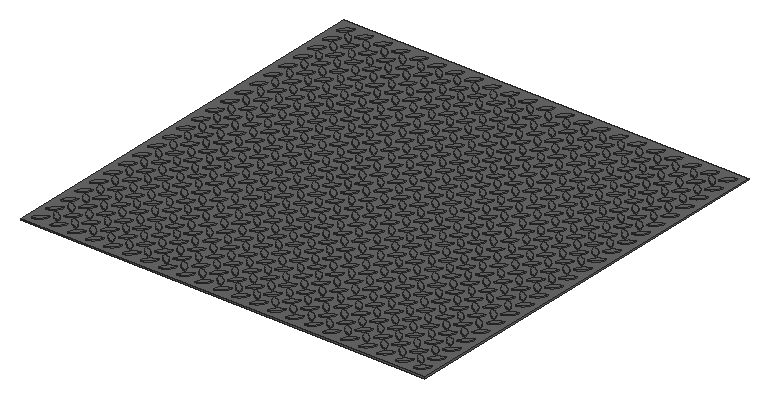
Revit family "141012021113804", category Modelos genéricos, Revit 2018 (continued)
Forms (mm)
  Blend 794, solid, material "Goma negro" <- "Material", detail levels fine
    base sketch origin (1368.494, 703.945, 0) x (-0.707107, -0.707107, 0) y (0.707107, -0.707107, 0)
      loop
        arc (794.539, -290.22) -> (793.684, -289.773) -> (792.83, -290.22) r 1.041
    top sketch origin (1368.494, 703.945, 0) x (-0.707107, -0.707107, 0) y (0.707107, -0.707107, 0)
      loop
        arc (792.83, -290.22) -> (787.479, -307.273) -> (792.83, -324.327) r 29.852
        arc (792.83, -324.327) -> (793.684, -324.773) -> (794.539, -324.327) r 1.041
        arc (794.539, -324.327) -> (799.889, -307.273) -> (794.539, -290.22) r 29.852
        arc (794.539, -290.22) -> (793.684, -289.773) -> (792.83, -290.22) r 1.041
    from 0 to 1
  Blend 795, solid, material "Goma negro" <- "Material", detail levels fine
    base sketch origin (178.555, 1115.994, 0) x (0.707107, -0.707107, 0) y (0.707107, 0.707107, 0)
      loop
        arc (792.83, -290.22) -> (787.479, -307.273) -> (792.83, -324.327) r 29.852
        arc (792.83, -324.327) -> (793.684, -324.773) -> (794.539, -324.327) r 1.041
        arc (794.539, -324.327) -> (799.889, -307.273) -> (794.539, -290.22) r 29.852
        arc (794.539, -290.22) -> (793.684, -289.773) -> (792.83, -290.22) r 1.041
    top sketch origin (178.555, 1115.994, 0) x (0.707107, -0.707107, 0) y (0.707107, 0.707107, 0)
      loop
        arc (792.83, -290.22) -> (787.479, -307.273) -> (792.83, -324.327) r 29.852
        arc (792.83, -324.327) -> (793.684, -324.773) -> (794.539, -324.327) r 1.041
        arc (794.539, -324.327) -> (799.889, -307.273) -> (794.539, -290.22) r 29.852
        arc (794.539, -290.22) -> (793.684, -289.773) -> (792.83, -290.22) r 1.041
    from 0 to 1
  Blend 796, solid, material "Goma negro" <- "Material", detail levels fine
    base sketch origin (1323.494, 703.945, 0) x (-0.707107, -0.707107, 0) y (0.707107, -0.707107, 0)
      loop
        arc (792.83, -290.22) -> (787.479, -307.273) -> (792.83, -324.327) r 29.852
        arc (792.83, -324.327) -> (793.684, -324.773) -> (794.539, -324.327) r 1.041
        arc (794.539, -324.327) -> (799.889, -307.273) -> (794.539, -290.22) r 29.852
        arc (794.539, -290.22) -> (793.684, -289.773) -> (792.83, -290.22) r 1.041
    top sketch origin (1323.494, 703.945, 0) x (-0.707107, -0.707107, 0) y (0.707107, -0.707107, 0)
      loop
        arc (792.83, -290.22) -> (787.479, -307.273) -> (792.83, -324.327) r 29.852
        arc (792.83, -324.327) -> (793.684, -324.773) -> (794.539, -324.327) r 1.041
        arc (794.539, -324.327) -> (799.889, -307.273) -> (794.539, -290.22) r 29.852
        arc (794.539, -290.22) -> (793.684, -289.773) -> (792.83, -290.22) r 1.041
    from 0 to 1
  Blend 797, solid, material "Goma negro" <- "Material", detail levels fine
    base sketch origin (133.555, 1115.994, 0) x (0.707107, -0.707107, 0) y (0.707107, 0.707107, 0)
      loop
        arc (792.83, -290.22) -> (787.479, -307.273) -> (792.83, -324.327) r 29.852
        arc (792.83, -324.327) -> (793.684, -324.773) -> (794.539, -324.327) r 1.041
        arc (794.539, -324.327) -> (799.889, -307.273) -> (794.539, -290.22) r 29.852
        arc (794.539, -290.22) -> (793.684, -289.773) -> (792.83, -290.22) r 1.041
    top sketch origin (133.555, 1115.994, 0) x (0.707107, -0.707107, 0) y (0.707107, 0.707107, 0)
      loop
        arc (792.83, -290.22) -> (787.479, -307.273) -> (792.83, -324.327) r 29.852
        arc (792.83, -324.327) -> (793.684, -324.773) -> (794.539, -324.327) r 1.041
        arc (794.539, -324.327) -> (799.889, -307.273) -> (794.539, -290.22) r 29.852
        arc (794.539, -290.22) -> (793.684, -289.773) -> (792.83, -290.22) r 1.041
    from 0 to 1
  Blend 798, solid, material "Goma negro" <- "Material", detail levels fine
    base sketch origin (1278.494, 703.945, 0) x (-0.707107, -0.707107, 0) y (0.707107, -0.707107, 0)
      loop
        arc (792.83, -290.22) -> (787.479, -307.273) -> (792.83, -324.327) r 29.852
        arc (792.83, -324.327) -> (793.684, -324.773) -> (794.539, -324.327) r 1.041
        arc (794.539, -324.327) -> (799.889, -307.273) -> (794.539, -290.22) r 29.852
        arc (794.539, -290.22) -> (793.684, -289.773) -> (792.83, -290.22) r 1.041
    top sketch origin (1278.494, 703.945, 0) x (-0.707107, -0.707107, 0) y (0.707107, -0.707107, 0)
      loop
        arc (792.83, -290.22) -> (787.479, -307.273) -> (792.83, -324.327) r 29.852
        arc (792.83, -324.327) -> (793.684, -324.773) -> (794.539, -324.327) r 1.041
        arc (794.539, -324.327) -> (799.889, -307.273) -> (794.539, -290.22) r 29.852
        arc (794.539, -290.22) -> (793.684, -289.773) -> (792.83, -290.22) r 1.041
    from 0 to 1
  Blend 799, solid, material "Goma negro" <- "Material", detail levels fine
    base sketch origin (88.555, 1115.994, 0) x (0.707107, -0.707107, 0) y (0.707107, 0.707107, 0)
      loop
        arc (792.83, -290.22) -> (787.479, -307.273) -> (792.83, -324.327) r 29.852
        arc (792.83, -324.327) -> (793.684, -324.773) -> (794.539, -324.327) r 1.041
        arc (794.539, -324.327) -> (799.889, -307.273) -> (794.539, -290.22) r 29.852
        arc (794.539, -290.22) -> (793.684, -289.773) -> (792.83, -290.22) r 1.041
    top sketch origin (88.555, 1115.994, 0) x (0.707107, -0.707107, 0) y (0.707107, 0.707107, 0)
      loop
        arc (792.83, -290.22) -> (787.479, -307.273) -> (792.83, -324.327) r 29.852
        arc (792.83, -324.327) -> (793.684, -324.773) -> (794.539, -324.327) r 1.041
        arc (794.539, -324.327) -> (799.889, -307.273) -> (794.539, -290.22) r 29.852
        arc (794.539, -290.22) -> (793.684, -289.773) -> (792.83, -290.22) r 1.041
    from 0 to 1
  Blend 800, solid, material "Goma negro" <- "Material", detail levels fine
    base sketch origin (1233.494, 703.945, 0) x (-0.707107, -0.707107, 0) y (0.707107, -0.707107, 0)
      loop
        arc (792.83, -290.22) -> (787.479, -307.273) -> (792.83, -324.327) r 29.852
        arc (792.83, -324.327) -> (793.684, -324.773) -> (794.539, -324.327) r 1.041
        arc (794.539, -324.327) -> (799.889, -307.273) -> (794.539, -290.22) r 29.852
        arc (794.539, -290.22) -> (793.684, -289.773) -> (792.83, -290.22) r 1.041
    top sketch origin (1233.494, 703.945, 0) x (-0.707107, -0.707107, 0) y (0.707107, -0.707107, 0)
      loop
        arc (792.83, -290.22) -> (787.479, -307.273) -> (792.83, -324.327) r 29.852
        arc (792.83, -324.327) -> (793.684, -324.773) -> (794.539, -324.327) r 1.041
        arc (794.539, -324.327) -> (799.889, -307.273) -> (794.539, -290.22) r 29.852
        arc (794.539, -290.22) -> (793.684, -289.773) -> (792.83, -290.22) r 1.041
    from 0 to 1
  Blend 801, solid, material "Goma negro" <- "Material", detail levels fine
    base sketch origin (43.555, 1115.994, 0) x (0.707107, -0.707107, 0) y (0.707107, 0.707107, 0)
      loop
        arc (792.83, -290.22) -> (787.479, -307.273) -> (792.83, -324.327) r 29.852
        arc (792.83, -324.327) -> (793.684, -324.773) -> (794.539, -324.327) r 1.041
        arc (794.539, -324.327) -> (799.889, -307.273) -> (794.539, -290.22) r 29.852
        arc (794.539, -290.22) -> (793.684, -289.773) -> (792.83, -290.22) r 1.041
    top sketch origin (43.555, 1115.994, 0) x (0.707107, -0.707107, 0) y (0.707107, 0.707107, 0)
      loop
        arc (792.83, -290.22) -> (787.479, -307.273) -> (792.83, -324.327) r 29.852
        arc (792.83, -324.327) -> (793.684, -324.773) -> (794.539, -324.327) r 1.041
        arc (794.539, -324.327) -> (799.889, -307.273) -> (794.539, -290.22) r 29.852
        arc (794.539, -290.22) -> (793.684, -289.773) -> (792.83, -290.22) r 1.041
    from 0 to 1
  Blend 802, solid, material "Goma negro" <- "Material", detail levels fine
    base sketch origin (1188.494, 703.945, 0) x (-0.707107, -0.707107, 0) y (0.707107, -0.707107, 0)
      loop
        arc (792.83, -290.22) -> (787.479, -307.273) -> (792.83, -324.327) r 29.852
        arc (792.83, -324.327) -> (793.684, -324.773) -> (794.539, -324.327) r 1.041
        arc (794.539, -324.327) -> (799.889, -307.273) -> (794.539, -290.22) r 29.852
        arc (794.539, -290.22) -> (793.684, -289.773) -> (792.83, -290.22) r 1.041
    top sketch origin (1188.494, 703.945, 0) x (-0.707107, -0.707107, 0) y (0.707107, -0.707107, 0)
      loop
        arc (792.83, -290.22) -> (787.479, -307.273) -> (792.83, -324.327) r 29.852
        arc (792.83, -324.327) -> (793.684, -324.773) -> (794.539, -324.327) r 1.041
        arc (794.539, -324.327) -> (799.889, -307.273) -> (794.539, -290.22) r 29.852
        arc (794.539, -290.22) -> (793.684, -289.773) -> (792.83, -290.22) r 1.041
    from 0 to 1
  Blend 803, solid, material "Goma negro" <- "Material", detail levels fine
    base sketch origin (-1.445, 1115.994, 0) x (0.707107, -0.707107, 0) y (0.707107, 0.707107, 0)
      loop
        arc (792.83, -290.22) -> (787.479, -307.273) -> (792.83, -324.327) r 29.852
        arc (792.83, -324.327) -> (793.684, -324.773) -> (794.539, -324.327) r 1.041
        arc (794.539, -324.327) -> (799.889, -307.273) -> (794.539, -290.22) r 29.852
        arc (794.539, -290.22) -> (793.684, -289.773) -> (792.83, -290.22) r 1.041
    top sketch origin (-1.445, 1115.994, 0) x (0.707107, -0.707107, 0) y (0.707107, 0.707107, 0)
      loop
        arc (792.83, -290.22) -> (787.479, -307.273) -> (792.83, -324.327) r 29.852
        arc (792.83, -324.327) -> (793.684, -324.773) -> (794.539, -324.327) r 1.041
        arc (794.539, -324.327) -> (799.889, -307.273) -> (794.539, -290.22) r 29.852
        arc (794.539, -290.22) -> (793.684, -289.773) -> (792.83, -290.22) r 1.041
    from 0 to 1
  Blend 804, solid, material "Goma negro" <- "Material", detail levels fine
    base sketch origin (1143.494, 703.945, 0) x (-0.707107, -0.707107, 0) y (0.707107, -0.707107, 0)
      loop
        arc (792.83, -290.22) -> (787.479, -307.273) -> (792.83, -324.327) r 29.852
        arc (792.83, -324.327) -> (793.684, -324.773) -> (794.539, -324.327) r 1.041
        arc (794.539, -324.327) -> (799.889, -307.273) -> (794.539, -290.22) r 29.852
        arc (794.539, -290.22) -> (793.684, -289.773) -> (792.83, -290.22) r 1.041
    top sketch origin (1143.494, 703.945, 0) x (-0.707107, -0.707107, 0) y (0.707107, -0.707107, 0)
      loop
        arc (792.83, -290.22) -> (787.479, -307.273) -> (792.83, -324.327) r 29.852
        arc (792.83, -324.327) -> (793.684, -324.773) -> (794.539, -324.327) r 1.041
        arc (794.539, -324.327) -> (799.889, -307.273) -> (794.539, -290.22) r 29.852
        arc (794.539, -290.22) -> (793.684, -289.773) -> (792.83, -290.22) r 1.041
    from 0 to 1
  Blend 805, solid, material "Goma negro" <- "Material", detail levels fine
    base sketch origin (-46.445, 1115.994, 0) x (0.707107, -0.707107, 0) y (0.707107, 0.707107, 0)
      loop
        arc (792.83, -290.22) -> (787.479, -307.273) -> (792.83, -324.327) r 29.852
        arc (792.83, -324.327) -> (793.684, -324.773) -> (794.539, -324.327) r 1.041
        arc (794.539, -324.327) -> (799.889, -307.273) -> (794.539, -290.22) r 29.852
        arc (794.539, -290.22) -> (793.684, -289.773) -> (792.83, -290.22) r 1.041
    top sketch origin (-46.445, 1115.994, 0) x (0.707107, -0.707107, 0) y (0.707107, 0.707107, 0)
      loop
        arc (792.83, -290.22) -> (787.479, -307.273) -> (792.83, -324.327) r 29.852
        arc (792.83, -324.327) -> (793.684, -324.773) -> (794.539, -324.327) r 1.041
        arc (794.539, -324.327) -> (799.889, -307.273) -> (794.539, -290.22) r 29.852
        arc (794.539, -290.22) -> (793.684, -289.773) -> (792.83, -290.22) r 1.041
    from 0 to 1
  Blend 806, solid, material "Goma negro" <- "Material", detail levels fine
    base sketch origin (1098.494, 703.945, 0) x (-0.707107, -0.707107, 0) y (0.707107, -0.707107, 0)
      loop
        arc (792.83, -290.22) -> (787.479, -307.273) -> (792.83, -324.327) r 29.852
        arc (792.83, -324.327) -> (793.684, -324.773) -> (794.539, -324.327) r 1.041
        arc (794.539, -324.327) -> (799.889, -307.273) -> (794.539, -290.22) r 29.852
        arc (794.539, -290.22) -> (793.684, -289.773) -> (792.83, -290.22) r 1.041
    top sketch origin (1098.494, 703.945, 0) x (-0.707107, -0.707107, 0) y (0.707107, -0.707107, 0)
      loop
        arc (792.83, -290.22) -> (787.479, -307.273) -> (792.83, -324.327) r 29.852
        arc (792.83, -324.327) -> (793.684, -324.773) -> (794.539, -324.327) r 1.041
        arc (794.539, -324.327) -> (799.889, -307.273) -> (794.539, -290.22) r 29.852
        arc (794.539, -290.22) -> (793.684, -289.773) -> (792.83, -290.22) r 1.041
    from 0 to 1
  Blend 807, solid, material "Goma negro" <- "Material", detail levels fine
    base sketch origin (-91.445, 1115.994, 0) x (0.707107, -0.707107, 0) y (0.707107, 0.707107, 0)
      loop
        arc (792.83, -290.22) -> (787.479, -307.273) -> (792.83, -324.327) r 29.852
        arc (792.83, -324.327) -> (793.684, -324.773) -> (794.539, -324.327) r 1.041
        arc (794.539, -324.327) -> (799.889, -307.273) -> (794.539, -290.22) r 29.852
        arc (794.539, -290.22) -> (793.684, -289.773) -> (792.83, -290.22) r 1.041
    top sketch origin (-91.445, 1115.994, 0) x (0.707107, -0.707107, 0) y (0.707107, 0.707107, 0)
      loop
        arc (792.83, -290.22) -> (787.479, -307.273) -> (792.83, -324.327) r 29.852
        arc (792.83, -324.327) -> (793.684, -324.773) -> (794.539, -324.327) r 1.041
        arc (794.539, -324.327) -> (799.889, -307.273) -> (794.539, -290.22) r 29.852
        arc (794.539, -290.22) -> (793.684, -289.773) -> (792.83, -290.22) r 1.041
    from 0 to 1
  Blend 808, solid, material "Goma negro" <- "Material", detail levels fine
    base sketch origin (1053.494, 703.945, 0) x (-0.707107, -0.707107, 0) y (0.707107, -0.707107, 0)
      loop
        arc (792.83, -290.22) -> (787.479, -307.273) -> (792.83, -324.327) r 29.852
        arc (792.83, -324.327) -> (793.684, -324.773) -> (794.539, -324.327) r 1.041
        arc (794.539, -324.327) -> (799.889, -307.273) -> (794.539, -290.22) r 29.852
        arc (794.539, -290.22) -> (793.684, -289.773) -> (792.83, -290.22) r 1.041
    top sketch origin (1053.494, 703.945, 0) x (-0.707107, -0.707107, 0) y (0.707107, -0.707107, 0)
      loop
        arc (792.83, -290.22) -> (787.479, -307.273) -> (792.83, -324.327) r 29.852
        arc (792.83, -324.327) -> (793.684, -324.773) -> (794.539, -324.327) r 1.041
        arc (794.539, -324.327) -> (799.889, -307.273) -> (794.539, -290.22) r 29.852
        arc (794.539, -290.22) -> (793.684, -289.773) -> (792.83, -290.22) r 1.041
    from 0 to 1
  Blend 809, solid, material "Goma negro" <- "Material", detail levels fine
    base sketch origin (-136.445, 1115.994, 0) x (0.707107, -0.707107, 0) y (0.707107, 0.707107, 0)
      loop
        arc (792.83, -290.22) -> (787.479, -307.273) -> (792.83, -324.327) r 29.852
        arc (792.83, -324.327) -> (793.684, -324.773) -> (794.539, -324.327) r 1.041
        arc (794.539, -324.327) -> (799.889, -307.273) -> (794.539, -290.22) r 29.852
        arc (794.539, -290.22) -> (793.684, -289.773) -> (792.83, -290.22) r 1.041
    top sketch origin (-136.445, 1115.994, 0) x (0.707107, -0.707107, 0) y (0.707107, 0.707107, 0)
      loop
        arc (792.83, -290.22) -> (787.479, -307.273) -> (792.83, -324.327) r 29.852
        arc (792.83, -324.327) -> (793.684, -324.773) -> (794.539, -324.327) r 1.041
        arc (794.539, -324.327) -> (799.889, -307.273) -> (794.539, -290.22) r 29.852
        arc (794.539, -290.22) -> (793.684, -289.773) -> (792.83, -290.22) r 1.041
    from 0 to 1
  Blend 810, solid, material "Goma negro" <- "Material", detail levels fine
    base sketch origin (1008.494, 703.945, 0) x (-0.707107, -0.707107, 0) y (0.707107, -0.707107, 0)
      loop
        arc (792.83, -290.22) -> (787.479, -307.273) -> (792.83, -324.327) r 29.852
        arc (792.83, -324.327) -> (793.684, -324.773) -> (794.539, -324.327) r 1.041
        arc (794.539, -324.327) -> (799.889, -307.273) -> (794.539, -290.22) r 29.852
        arc (794.539, -290.22) -> (793.684, -289.773) -> (792.83, -290.22) r 1.041
    top sketch origin (1008.494, 703.945, 0) x (-0.707107, -0.707107, 0) y (0.707107, -0.707107, 0)
      loop
        arc (792.83, -290.22) -> (787.479, -307.273) -> (792.83, -324.327) r 29.852
        arc (792.83, -324.327) -> (793.684, -324.773) -> (794.539, -324.327) r 1.041
        arc (794.539, -324.327) -> (799.889, -307.273) -> (794.539, -290.22) r 29.852
        arc (794.539, -290.22) -> (793.684, -289.773) -> (792.83, -290.22) r 1.041
    from 0 to 1
  Blend 811, solid, material "Goma negro" <- "Material", detail levels fine
    base sketch origin (-181.445, 1115.994, 0) x (0.707107, -0.707107, 0) y (0.707107, 0.707107, 0)
      loop
        arc (792.83, -290.22) -> (787.479, -307.273) -> (792.83, -324.327) r 29.852
        arc (792.83, -324.327) -> (793.684, -324.773) -> (794.539, -324.327) r 1.041
        arc (794.539, -324.327) -> (799.889, -307.273) -> (794.539, -290.22) r 29.852
        arc (794.539, -290.22) -> (793.684, -289.773) -> (792.83, -290.22) r 1.041
    top sketch origin (-181.445, 1115.994, 0) x (0.707107, -0.707107, 0) y (0.707107, 0.707107, 0)
      loop
        arc (792.83, -290.22) -> (787.479, -307.273) -> (792.83, -324.327) r 29.852
        arc (792.83, -324.327) -> (793.684, -324.773) -> (794.539, -324.327) r 1.041
        arc (794.539, -324.327) -> (799.889, -307.273) -> (794.539, -290.22) r 29.852
        arc (794.539, -290.22) -> (793.684, -289.773) -> (792.83, -290.22) r 1.041
    from 0 to 1
  Blend 812, solid, material "Goma negro" <- "Material", detail levels fine
    base sketch origin (963.494, 703.945, 0) x (-0.707107, -0.707107, 0) y (0.707107, -0.707107, 0)
      loop
        arc (792.83, -290.22) -> (787.479, -307.273) -> (792.83, -324.327) r 29.852
        arc (792.83, -324.327) -> (793.684, -324.773) -> (794.539, -324.327) r 1.041
        arc (794.539, -324.327) -> (799.889, -307.273) -> (794.539, -290.22) r 29.852
        arc (794.539, -290.22) -> (793.684, -289.773) -> (792.83, -290.22) r 1.041
    top sketch origin (963.494, 703.945, 0) x (-0.707107, -0.707107, 0) y (0.707107, -0.707107, 0)
      loop
        arc (792.83, -290.22) -> (787.479, -307.273) -> (792.83, -324.327) r 29.852
        arc (792.83, -324.327) -> (793.684, -324.773) -> (794.539, -324.327) r 1.041
        arc (794.539, -324.327) -> (799.889, -307.273) -> (794.539, -290.22) r 29.852
        arc (794.539, -290.22) -> (793.684, -289.773) -> (792.83, -290.22) r 1.041
    from 0 to 1
  Blend 813, solid, material "Goma negro" <- "Material", detail levels fine
    base sketch origin (-226.445, 1115.994, 0) x (0.707107, -0.707107, 0) y (0.707107, 0.707107, 0)
      loop
        arc (792.83, -290.22) -> (787.479, -307.273) -> (792.83, -324.327) r 29.852
        arc (792.83, -324.327) -> (793.684, -324.773) -> (794.539, -324.327) r 1.041
        arc (794.539, -324.327) -> (799.889, -307.273) -> (794.539, -290.22) r 29.852
        arc (794.539, -290.22) -> (793.684, -289.773) -> (792.83, -290.22) r 1.041
    top sketch origin (-226.445, 1115.994, 0) x (0.707107, -0.707107, 0) y (0.707107, 0.707107, 0)
      loop
        arc (792.83, -290.22) -> (787.479, -307.273) -> (792.83, -324.327) r 29.852
        arc (792.83, -324.327) -> (793.684, -324.773) -> (794.539, -324.327) r 1.041
        arc (794.539, -324.327) -> (799.889, -307.273) -> (794.539, -290.22) r 29.852
        arc (794.539, -290.22) -> (793.684, -289.773) -> (792.83, -290.22) r 1.041
    from 0 to 1
  Blend 814, solid, material "Goma negro" <- "Material", detail levels fine
    base sketch origin (918.494, 703.945, 0) x (-0.707107, -0.707107, 0) y (0.707107, -0.707107, 0)
      loop
        arc (792.83, -290.22) -> (787.479, -307.273) -> (792.83, -324.327) r 29.852
        arc (792.83, -324.327) -> (793.684, -324.773) -> (794.539, -324.327) r 1.041
        arc (794.539, -324.327) -> (799.889, -307.273) -> (794.539, -290.22) r 29.852
        arc (794.539, -290.22) -> (793.684, -289.773) -> (792.83, -290.22) r 1.041
    top sketch origin (918.494, 703.945, 0) x (-0.707107, -0.707107, 0) y (0.707107, -0.707107, 0)
      loop
        arc (792.83, -290.22) -> (787.479, -307.273) -> (792.83, -324.327) r 29.852
        arc (792.83, -324.327) -> (793.684, -324.773) -> (794.539, -324.327) r 1.041
        arc (794.539, -324.327) -> (799.889, -307.273) -> (794.539, -290.22) r 29.852
        arc (794.539, -290.22) -> (793.684, -289.773) -> (792.83, -290.22) r 1.041
    from 0 to 1
  Blend 815, solid, material "Goma negro" <- "Material", detail levels fine
    base sketch origin (-271.445, 1115.994, 0) x (0.707107, -0.707107, 0) y (0.707107, 0.707107, 0)
      loop
        arc (792.83, -290.22) -> (787.479, -307.273) -> (792.83, -324.327) r 29.852
        arc (792.83, -324.327) -> (793.684, -324.773) -> (794.539, -324.327) r 1.041
        arc (794.539, -324.327) -> (799.889, -307.273) -> (794.539, -290.22) r 29.852
        arc (794.539, -290.22) -> (793.684, -289.773) -> (792.83, -290.22) r 1.041
    top sketch origin (-271.445, 1115.994, 0) x (0.707107, -0.707107, 0) y (0.707107, 0.707107, 0)
      loop
        arc (792.83, -290.22) -> (787.479, -307.273) -> (792.83, -324.327) r 29.852
        arc (792.83, -324.327) -> (793.684, -324.773) -> (794.539, -324.327) r 1.041
        arc (794.539, -324.327) -> (799.889, -307.273) -> (794.539, -290.22) r 29.852
        arc (794.539, -290.22) -> (793.684, -289.773) -> (792.83, -290.22) r 1.041
    from 0 to 1
  Blend 816, solid, material "Goma negro" <- "Material", detail levels fine
    base sketch origin (873.494, 703.945, 0) x (-0.707107, -0.707107, 0) y (0.707107, -0.707107, 0)
      loop
        arc (792.83, -290.22) -> (787.479, -307.273) -> (792.83, -324.327) r 29.852
        arc (792.83, -324.327) -> (793.684, -324.773) -> (794.539, -324.327) r 1.041
        arc (794.539, -324.327) -> (799.889, -307.273) -> (794.539, -290.22) r 29.852
        arc (794.539, -290.22) -> (793.684, -289.773) -> (792.83, -290.22) r 1.041
    top sketch origin (873.494, 703.945, 0) x (-0.707107, -0.707107, 0) y (0.707107, -0.707107, 0)
      loop
        arc (792.83, -290.22) -> (787.479, -307.273) -> (792.83, -324.327) r 29.852
        arc (792.83, -324.327) -> (793.684, -324.773) -> (794.539, -324.327) r 1.041
        arc (794.539, -324.327) -> (799.889, -307.273) -> (794.539, -290.22) r 29.852
        arc (794.539, -290.22) -> (793.684, -289.773) -> (792.83, -290.22) r 1.041
    from 0 to 1
  Blend 817, solid, material "Goma negro" <- "Material", detail levels fine
    base sketch origin (-316.445, 1115.994, 0) x (0.707107, -0.707107, 0) y (0.707107, 0.707107, 0)
      loop
        arc (792.83, -290.22) -> (787.479, -307.273) -> (792.83, -324.327) r 29.852
        arc (792.83, -324.327) -> (793.684, -324.773) -> (794.539, -324.327) r 1.041
        arc (794.539, -324.327) -> (799.889, -307.273) -> (794.539, -290.22) r 29.852
        arc (794.539, -290.22) -> (793.684, -289.773) -> (792.83, -290.22) r 1.041
    top sketch origin (-316.445, 1115.994, 0) x (0.707107, -0.707107, 0) y (0.707107, 0.707107, 0)
      loop
        arc (792.83, -290.22) -> (787.479, -307.273) -> (792.83, -324.327) r 29.852
        arc (792.83, -324.327) -> (793.684, -324.773) -> (794.539, -324.327) r 1.041
        arc (794.539, -324.327) -> (799.889, -307.273) -> (794.539, -290.22) r 29.852
        arc (794.539, -290.22) -> (793.684, -289.773) -> (792.83, -290.22) r 1.041
    from 0 to 1
  Blend 818, solid, material "Goma negro" <- "Material", detail levels fine
    base sketch origin (828.494, 703.945, 0) x (-0.707107, -0.707107, 0) y (0.707107, -0.707107, 0)
      loop
        arc (792.83, -290.22) -> (787.479, -307.273) -> (792.83, -324.327) r 29.852
        arc (792.83, -324.327) -> (793.684, -324.773) -> (794.539, -324.327) r 1.041
        arc (794.539, -324.327) -> (799.889, -307.273) -> (794.539, -290.22) r 29.852
        arc (794.539, -290.22) -> (793.684, -289.773) -> (792.83, -290.22) r 1.041
    top sketch origin (828.494, 703.945, 0) x (-0.707107, -0.707107, 0) y (0.707107, -0.707107, 0)
      loop
        arc (792.83, -290.22) -> (787.479, -307.273) -> (792.83, -324.327) r 29.852
        arc (792.83, -324.327) -> (793.684, -324.773) -> (794.539, -324.327) r 1.041
        arc (794.539, -324.327) -> (799.889, -307.273) -> (794.539, -290.22) r 29.852
        arc (794.539, -290.22) -> (793.684, -289.773) -> (792.83, -290.22) r 1.041
    from 0 to 1
  Blend 819, solid, material "Goma negro" <- "Material", detail levels fine
    base sketch origin (628.555, 1160.994, 0) x (0.707107, -0.707107, 0) y (0.707107, 0.707107, 0)
      loop
        arc (792.83, -290.22) -> (787.479, -307.273) -> (792.83, -324.327) r 29.852
        arc (792.83, -324.327) -> (793.684, -324.773) -> (794.539, -324.327) r 1.041
        arc (794.539, -324.327) -> (799.889, -307.273) -> (794.539, -290.22) r 29.852
        arc (794.539, -290.22) -> (793.684, -289.773) -> (792.83, -290.22) r 1.041
    top sketch origin (628.555, 1160.994, 0) x (0.707107, -0.707107, 0) y (0.707107, 0.707107, 0)
      loop
        arc (792.83, -290.22) -> (787.479, -307.273) -> (792.83, -324.327) r 29.852
        arc (792.83, -324.327) -> (793.684, -324.773) -> (794.539, -324.327) r 1.041
        arc (794.539, -324.327) -> (799.889, -307.273) -> (794.539, -290.22) r 29.852
        arc (794.539, -290.22) -> (793.684, -289.773) -> (792.83, -290.22) r 1.041
    from 0 to 1
  Blend 820, solid, material "Goma negro" <- "Material", detail levels fine
    base sketch origin (583.555, 1160.994, 0) x (0.707107, -0.707107, 0) y (0.707107, 0.707107, 0)
      loop
        arc (792.83, -290.22) -> (787.479, -307.273) -> (792.83, -324.327) r 29.852
        arc (792.83, -324.327) -> (793.684, -324.773) -> (794.539, -324.327) r 1.041
        arc (794.539, -324.327) -> (799.889, -307.273) -> (794.539, -290.22) r 29.852
        arc (794.539, -290.22) -> (793.684, -289.773) -> (792.83, -290.22) r 1.041
    top sketch origin (583.555, 1160.994, 0) x (0.707107, -0.707107, 0) y (0.707107, 0.707107, 0)
      loop
        arc (792.83, -290.22) -> (787.479, -307.273) -> (792.83, -324.327) r 29.852
        arc (792.83, -324.327) -> (793.684, -324.773) -> (794.539, -324.327) r 1.041
        arc (794.539, -324.327) -> (799.889, -307.273) -> (794.539, -290.22) r 29.852
        arc (794.539, -290.22) -> (793.684, -289.773) -> (792.83, -290.22) r 1.041
    from 0 to 1
  Blend 821, solid, material "Goma negro" <- "Material", detail levels fine
    base sketch origin (1728.494, 748.945, 0) x (-0.707107, -0.707107, 0) y (0.707107, -0.707107, 0)
      loop
        arc (792.83, -290.22) -> (787.479, -307.273) -> (792.83, -324.327) r 29.852
        arc (792.83, -324.327) -> (793.684, -324.773) -> (794.539, -324.327) r 1.041
        arc (794.539, -324.327) -> (799.889, -307.273) -> (794.539, -290.22) r 29.852
        arc (794.539, -290.22) -> (793.684, -289.773) -> (792.83, -290.22) r 1.041
    top sketch origin (1728.494, 748.945, 0) x (-0.707107, -0.707107, 0) y (0.707107, -0.707107, 0)
      loop
        arc (792.83, -290.22) -> (787.479, -307.273) -> (792.83, -324.327) r 29.852
        arc (792.83, -324.327) -> (793.684, -324.773) -> (794.539, -324.327) r 1.041
        arc (794.539, -324.327) -> (799.889, -307.273) -> (794.539, -290.22) r 29.852
        arc (794.539, -290.22) -> (793.684, -289.773) -> (792.83, -290.22) r 1.041
    from 0 to 1
  Blend 822, solid, material "Goma negro" <- "Material", detail levels fine
    base sketch origin (538.555, 1160.994, 0) x (0.707107, -0.707107, 0) y (0.707107, 0.707107, 0)
      loop
        arc (792.83, -290.22) -> (787.479, -307.273) -> (792.83, -324.327) r 29.852
        arc (792.83, -324.327) -> (793.684, -324.773) -> (794.539, -324.327) r 1.041
        arc (794.539, -324.327) -> (799.889, -307.273) -> (794.539, -290.22) r 29.852
        arc (794.539, -290.22) -> (793.684, -289.773) -> (792.83, -290.22) r 1.041
    top sketch origin (538.555, 1160.994, 0) x (0.707107, -0.707107, 0) y (0.707107, 0.707107, 0)
      loop
        arc (792.83, -290.22) -> (787.479, -307.273) -> (792.83, -324.327) r 29.852
        arc (792.83, -324.327) -> (793.684, -324.773) -> (794.539, -324.327) r 1.041
        arc (794.539, -324.327) -> (799.889, -307.273) -> (794.539, -290.22) r 29.852
        arc (794.539, -290.22) -> (793.684, -289.773) -> (792.83, -290.22) r 1.041
    from 0 to 1
  Blend 823, solid, material "Goma negro" <- "Material", detail levels fine
    base sketch origin (1683.494, 748.945, 0) x (-0.707107, -0.707107, 0) y (0.707107, -0.707107, 0)
      loop
        arc (792.83, -290.22) -> (787.479, -307.273) -> (792.83, -324.327) r 29.852
        arc (792.83, -324.327) -> (793.684, -324.773) -> (794.539, -324.327) r 1.041
        arc (794.539, -324.327) -> (799.889, -307.273) -> (794.539, -290.22) r 29.852
        arc (794.539, -290.22) -> (793.684, -289.773) -> (792.83, -290.22) r 1.041
    top sketch origin (1683.494, 748.945, 0) x (-0.707107, -0.707107, 0) y (0.707107, -0.707107, 0)
      loop
        arc (792.83, -290.22) -> (787.479, -307.273) -> (792.83, -324.327) r 29.852
        arc (792.83, -324.327) -> (793.684, -324.773) -> (794.539, -324.327) r 1.041
        arc (794.539, -324.327) -> (799.889, -307.273) -> (794.539, -290.22) r 29.852
        arc (794.539, -290.22) -> (793.684, -289.773) -> (792.83, -290.22) r 1.041
    from 0 to 1
  Blend 824, solid, material "Goma negro" <- "Material", detail levels fine
    base sketch origin (493.555, 1160.994, 0) x (0.707107, -0.707107, 0) y (0.707107, 0.707107, 0)
      loop
        arc (792.83, -290.22) -> (787.479, -307.273) -> (792.83, -324.327) r 29.852
        arc (792.83, -324.327) -> (793.684, -324.773) -> (794.539, -324.327) r 1.041
        arc (794.539, -324.327) -> (799.889, -307.273) -> (794.539, -290.22) r 29.852
        arc (794.539, -290.22) -> (793.684, -289.773) -> (792.83, -290.22) r 1.041
    top sketch origin (493.555, 1160.994, 0) x (0.707107, -0.707107, 0) y (0.707107, 0.707107, 0)
      loop
        arc (792.83, -290.22) -> (787.479, -307.273) -> (792.83, -324.327) r 29.852
        arc (792.83, -324.327) -> (793.684, -324.773) -> (794.539, -324.327) r 1.041
        arc (794.539, -324.327) -> (799.889, -307.273) -> (794.539, -290.22) r 29.852
        arc (794.539, -290.22) -> (793.684, -289.773) -> (792.83, -290.22) r 1.041
    from 0 to 1
  Blend 825, solid, material "Goma negro" <- "Material", detail levels fine
    base sketch origin (1638.494, 748.945, 0) x (-0.707107, -0.707107, 0) y (0.707107, -0.707107, 0)
      loop
        arc (792.83, -290.22) -> (787.479, -307.273) -> (792.83, -324.327) r 29.852
        arc (792.83, -324.327) -> (793.684, -324.773) -> (794.539, -324.327) r 1.041
        arc (794.539, -324.327) -> (799.889, -307.273) -> (794.539, -290.22) r 29.852
        arc (794.539, -290.22) -> (793.684, -289.773) -> (792.83, -290.22) r 1.041
    top sketch origin (1638.494, 748.945, 0) x (-0.707107, -0.707107, 0) y (0.707107, -0.707107, 0)
      loop
        arc (792.83, -290.22) -> (787.479, -307.273) -> (792.83, -324.327) r 29.852
        arc (792.83, -324.327) -> (793.684, -324.773) -> (794.539, -324.327) r 1.041
        arc (794.539, -324.327) -> (799.889, -307.273) -> (794.539, -290.22) r 29.852
        arc (794.539, -290.22) -> (793.684, -289.773) -> (792.83, -290.22) r 1.041
    from 0 to 1
  Blend 826, solid, material "Goma negro" <- "Material", detail levels fine
    base sketch origin (448.555, 1160.994, 0) x (0.707107, -0.707107, 0) y (0.707107, 0.707107, 0)
      loop
        arc (792.83, -290.22) -> (787.479, -307.273) -> (792.83, -324.327) r 29.852
        arc (792.83, -324.327) -> (793.684, -324.773) -> (794.539, -324.327) r 1.041
        arc (794.539, -324.327) -> (799.889, -307.273) -> (794.539, -290.22) r 29.852
        arc (794.539, -290.22) -> (793.684, -289.773) -> (792.83, -290.22) r 1.041
    top sketch origin (448.555, 1160.994, 0) x (0.707107, -0.707107, 0) y (0.707107, 0.707107, 0)
      loop
        arc (792.83, -290.22) -> (787.479, -307.273) -> (792.83, -324.327) r 29.852
        arc (792.83, -324.327) -> (793.684, -324.773) -> (794.539, -324.327) r 1.041
        arc (794.539, -324.327) -> (799.889, -307.273) -> (794.539, -290.22) r 29.852
        arc (794.539, -290.22) -> (793.684, -289.773) -> (792.83, -290.22) r 1.041
    from 0 to 1
  Blend 827, solid, material "Goma negro" <- "Material", detail levels fine
    base sketch origin (1593.494, 748.945, 0) x (-0.707107, -0.707107, 0) y (0.707107, -0.707107, 0)
      loop
        arc (792.83, -290.22) -> (787.479, -307.273) -> (792.83, -324.327) r 29.852
        arc (792.83, -324.327) -> (793.684, -324.773) -> (794.539, -324.327) r 1.041
        arc (794.539, -324.327) -> (799.889, -307.273) -> (794.539, -290.22) r 29.852
        arc (794.539, -290.22) -> (793.684, -289.773) -> (792.83, -290.22) r 1.041
    top sketch origin (1593.494, 748.945, 0) x (-0.707107, -0.707107, 0) y (0.707107, -0.707107, 0)
      loop
        arc (792.83, -290.22) -> (787.479, -307.273) -> (792.83, -324.327) r 29.852
        arc (792.83, -324.327) -> (793.684, -324.773) -> (794.539, -324.327) r 1.041
        arc (794.539, -324.327) -> (799.889, -307.273) -> (794.539, -290.22) r 29.852
        arc (794.539, -290.22) -> (793.684, -289.773) -> (792.83, -290.22) r 1.041
    from 0 to 1
  Blend 828, solid, material "Goma negro" <- "Material", detail levels fine
    base sketch origin (403.555, 1160.994, 0) x (0.707107, -0.707107, 0) y (0.707107, 0.707107, 0)
      loop
        arc (792.83, -290.22) -> (787.479, -307.273) -> (792.83, -324.327) r 29.852
        arc (792.83, -324.327) -> (793.684, -324.773) -> (794.539, -324.327) r 1.041
        arc (794.539, -324.327) -> (799.889, -307.273) -> (794.539, -290.22) r 29.852
        arc (794.539, -290.22) -> (793.684, -289.773) -> (792.83, -290.22) r 1.041
    top sketch origin (403.555, 1160.994, 0) x (0.707107, -0.707107, 0) y (0.707107, 0.707107, 0)
      loop
        arc (792.83, -290.22) -> (787.479, -307.273) -> (792.83, -324.327) r 29.852
        arc (792.83, -324.327) -> (793.684, -324.773) -> (794.539, -324.327) r 1.041
        arc (794.539, -324.327) -> (799.889, -307.273) -> (794.539, -290.22) r 29.852
        arc (794.539, -290.22) -> (793.684, -289.773) -> (792.83, -290.22) r 1.041
    from 0 to 1
  Blend 829, solid, material "Goma negro" <- "Material", detail levels fine
    base sketch origin (1548.494, 748.945, 0) x (-0.707107, -0.707107, 0) y (0.707107, -0.707107, 0)
      loop
        arc (792.83, -290.22) -> (787.479, -307.273) -> (792.83, -324.327) r 29.852
        arc (792.83, -324.327) -> (793.684, -324.773) -> (794.539, -324.327) r 1.041
        arc (794.539, -324.327) -> (799.889, -307.273) -> (794.539, -290.22) r 29.852
        arc (794.539, -290.22) -> (793.684, -289.773) -> (792.83, -290.22) r 1.041
    top sketch origin (1548.494, 748.945, 0) x (-0.707107, -0.707107, 0) y (0.707107, -0.707107, 0)
      loop
        arc (792.83, -290.22) -> (787.479, -307.273) -> (792.83, -324.327) r 29.852
        arc (792.83, -324.327) -> (793.684, -324.773) -> (794.539, -324.327) r 1.041
        arc (794.539, -324.327) -> (799.889, -307.273) -> (794.539, -290.22) r 29.852
        arc (794.539, -290.22) -> (793.684, -289.773) -> (792.83, -290.22) r 1.041
    from 0 to 1
  Blend 830, solid, material "Goma negro" <- "Material", detail levels fine
    base sketch origin (358.555, 1160.994, 0) x (0.707107, -0.707107, 0) y (0.707107, 0.707107, 0)
      loop
        arc (792.83, -290.22) -> (787.479, -307.273) -> (792.83, -324.327) r 29.852
        arc (792.83, -324.327) -> (793.684, -324.773) -> (794.539, -324.327) r 1.041
        arc (794.539, -324.327) -> (799.889, -307.273) -> (794.539, -290.22) r 29.852
        arc (794.539, -290.22) -> (793.684, -289.773) -> (792.83, -290.22) r 1.041
    top sketch origin (358.555, 1160.994, 0) x (0.707107, -0.707107, 0) y (0.707107, 0.707107, 0)
      loop
        arc (792.83, -290.22) -> (787.479, -307.273) -> (792.83, -324.327) r 29.852
        arc (792.83, -324.327) -> (793.684, -324.773) -> (794.539, -324.327) r 1.041
        arc (794.539, -324.327) -> (799.889, -307.273) -> (794.539, -290.22) r 29.852
        arc (794.539, -290.22) -> (793.684, -289.773) -> (792.83, -290.22) r 1.041
    from 0 to 1
  Blend 831, solid, material "Goma negro" <- "Material", detail levels fine
    base sketch origin (1503.494, 748.945, 0) x (-0.707107, -0.707107, 0) y (0.707107, -0.707107, 0)
      loop
        arc (792.83, -290.22) -> (787.479, -307.273) -> (792.83, -324.327) r 29.852
        arc (792.83, -324.327) -> (793.684, -324.773) -> (794.539, -324.327) r 1.041
        arc (794.539, -324.327) -> (799.889, -307.273) -> (794.539, -290.22) r 29.852
        arc (794.539, -290.22) -> (793.684, -289.773) -> (792.83, -290.22) r 1.041
    top sketch origin (1503.494, 748.945, 0) x (-0.707107, -0.707107, 0) y (0.707107, -0.707107, 0)
      loop
        arc (792.83, -290.22) -> (787.479, -307.273) -> (792.83, -324.327) r 29.852
        arc (792.83, -324.327) -> (793.684, -324.773) -> (794.539, -324.327) r 1.041
        arc (794.539, -324.327) -> (799.889, -307.273) -> (794.539, -290.22) r 29.852
        arc (794.539, -290.22) -> (793.684, -289.773) -> (792.83, -290.22) r 1.041
    from 0 to 1
  Blend 832, solid, material "Goma negro" <- "Material", detail levels fine
    base sketch origin (313.555, 1160.994, 0) x (0.707107, -0.707107, 0) y (0.707107, 0.707107, 0)
      loop
        arc (792.83, -290.22) -> (787.479, -307.273) -> (792.83, -324.327) r 29.852
        arc (792.83, -324.327) -> (793.684, -324.773) -> (794.539, -324.327) r 1.041
        arc (794.539, -324.327) -> (799.889, -307.273) -> (794.539, -290.22) r 29.852
        arc (794.539, -290.22) -> (793.684, -289.773) -> (792.83, -290.22) r 1.041
    top sketch origin (313.555, 1160.994, 0) x (0.707107, -0.707107, 0) y (0.707107, 0.707107, 0)
      loop
        arc (792.83, -290.22) -> (787.479, -307.273) -> (792.83, -324.327) r 29.852
        arc (792.83, -324.327) -> (793.684, -324.773) -> (794.539, -324.327) r 1.041
        arc (794.539, -324.327) -> (799.889, -307.273) -> (794.539, -290.22) r 29.852
        arc (794.539, -290.22) -> (793.684, -289.773) -> (792.83, -290.22) r 1.041
    from 0 to 1
  Blend 833, solid, material "Goma negro" <- "Material", detail levels fine
    base sketch origin (1458.494, 748.945, 0) x (-0.707107, -0.707107, 0) y (0.707107, -0.707107, 0)
      loop
        arc (792.83, -290.22) -> (787.479, -307.273) -> (792.83, -324.327) r 29.852
        arc (792.83, -324.327) -> (793.684, -324.773) -> (794.539, -324.327) r 1.041
        arc (794.539, -324.327) -> (799.889, -307.273) -> (794.539, -290.22) r 29.852
        arc (794.539, -290.22) -> (793.684, -289.773) -> (792.83, -290.22) r 1.041
    top sketch origin (1458.494, 748.945, 0) x (-0.707107, -0.707107, 0) y (0.707107, -0.707107, 0)
      loop
        arc (792.83, -290.22) -> (787.479, -307.273) -> (792.83, -324.327) r 29.852
        arc (792.83, -324.327) -> (793.684, -324.773) -> (794.539, -324.327) r 1.041
        arc (794.539, -324.327) -> (799.889, -307.273) -> (794.539, -290.22) r 29.852
        arc (794.539, -290.22) -> (793.684, -289.773) -> (792.83, -290.22) r 1.041
    from 0 to 1
  Blend 834, solid, material "Goma negro" <- "Material", detail levels fine
    base sketch origin (268.555, 1160.994, 0) x (0.707107, -0.707107, 0) y (0.707107, 0.707107, 0)
      loop
        arc (792.83, -290.22) -> (787.479, -307.273) -> (792.83, -324.327) r 29.852
        arc (792.83, -324.327) -> (793.684, -324.773) -> (794.539, -324.327) r 1.041
        arc (794.539, -324.327) -> (799.889, -307.273) -> (794.539, -290.22) r 29.852
        arc (794.539, -290.22) -> (793.684, -289.773) -> (792.83, -290.22) r 1.041
    top sketch origin (268.555, 1160.994, 0) x (0.707107, -0.707107, 0) y (0.707107, 0.707107, 0)
      loop
        arc (792.83, -290.22) -> (787.479, -307.273) -> (792.83, -324.327) r 29.852
        arc (792.83, -324.327) -> (793.684, -324.773) -> (794.539, -324.327) r 1.041
        arc (794.539, -324.327) -> (799.889, -307.273) -> (794.539, -290.22) r 29.852
        arc (794.539, -290.22) -> (793.684, -289.773) -> (792.83, -290.22) r 1.041
    from 0 to 1
  Blend 835, solid, material "Goma negro" <- "Material", detail levels fine
    base sketch origin (1413.494, 748.945, 0) x (-0.707107, -0.707107, 0) y (0.707107, -0.707107, 0)
      loop
        arc (792.83, -290.22) -> (787.479, -307.273) -> (792.83, -324.327) r 29.852
        arc (792.83, -324.327) -> (793.684, -324.773) -> (794.539, -324.327) r 1.041
        arc (794.539, -324.327) -> (799.889, -307.273) -> (794.539, -290.22) r 29.852
        arc (794.539, -290.22) -> (793.684, -289.773) -> (792.83, -290.22) r 1.041
    top sketch origin (1413.494, 748.945, 0) x (-0.707107, -0.707107, 0) y (0.707107, -0.707107, 0)
      loop
        arc (792.83, -290.22) -> (787.479, -307.273) -> (792.83, -324.327) r 29.852
        arc (792.83, -324.327) -> (793.684, -324.773) -> (794.539, -324.327) r 1.041
        arc (794.539, -324.327) -> (799.889, -307.273) -> (794.539, -290.22) r 29.852
        arc (794.539, -290.22) -> (793.684, -289.773) -> (792.83, -290.22) r 1.041
    from 0 to 1
  Blend 836, solid, material "Goma negro" <- "Material", detail levels fine
    base sketch origin (223.555, 1160.994, 0) x (0.707107, -0.707107, 0) y (0.707107, 0.707107, 0)
      loop
        arc (792.83, -290.22) -> (787.479, -307.273) -> (792.83, -324.327) r 29.852
        arc (792.83, -324.327) -> (793.684, -324.773) -> (794.539, -324.327) r 1.041
        arc (794.539, -324.327) -> (799.889, -307.273) -> (794.539, -290.22) r 29.852
        arc (794.539, -290.22) -> (793.684, -289.773) -> (792.83, -290.22) r 1.041
    top sketch origin (223.555, 1160.994, 0) x (0.707107, -0.707107, 0) y (0.707107, 0.707107, 0)
      loop
        arc (792.83, -290.22) -> (787.479, -307.273) -> (792.83, -324.327) r 29.852
        arc (792.83, -324.327) -> (793.684, -324.773) -> (794.539, -324.327) r 1.041
        arc (794.539, -324.327) -> (799.889, -307.273) -> (794.539, -290.22) r 29.852
        arc (794.539, -290.22) -> (793.684, -289.773) -> (792.83, -290.22) r 1.041
    from 0 to 1
  Blend 837, solid, material "Goma negro" <- "Material", detail levels fine
    base sketch origin (1368.494, 748.945, 0) x (-0.707107, -0.707107, 0) y (0.707107, -0.707107, 0)
      loop
        arc (792.83, -290.22) -> (787.479, -307.273) -> (792.83, -324.327) r 29.852
        arc (792.83, -324.327) -> (793.684, -324.773) -> (794.539, -324.327) r 1.041
        arc (794.539, -324.327) -> (799.889, -307.273) -> (794.539, -290.22) r 29.852
        arc (794.539, -290.22) -> (793.684, -289.773) -> (792.83, -290.22) r 1.041
    top sketch origin (1368.494, 748.945, 0) x (-0.707107, -0.707107, 0) y (0.707107, -0.707107, 0)
      loop
        arc (792.83, -290.22) -> (787.479, -307.273) -> (792.83, -324.327) r 29.852
        arc (792.83, -324.327) -> (793.684, -324.773) -> (794.539, -324.327) r 1.041
        arc (794.539, -324.327) -> (799.889, -307.273) -> (794.539, -290.22) r 29.852
        arc (794.539, -290.22) -> (793.684, -289.773) -> (792.83, -290.22) r 1.041
    from 0 to 1
  Blend 838, solid, material "Goma negro" <- "Material", detail levels fine
    base sketch origin (178.555, 1160.994, 0) x (0.707107, -0.707107, 0) y (0.707107, 0.707107, 0)
      loop
        arc (792.83, -290.22) -> (787.479, -307.273) -> (792.83, -324.327) r 29.852
        arc (792.83, -324.327) -> (793.684, -324.773) -> (794.539, -324.327) r 1.041
        arc (794.539, -324.327) -> (799.889, -307.273) -> (794.539, -290.22) r 29.852
        arc (794.539, -290.22) -> (793.684, -289.773) -> (792.83, -290.22) r 1.041
    top sketch origin (178.555, 1160.994, 0) x (0.707107, -0.707107, 0) y (0.707107, 0.707107, 0)
      loop
        arc (792.83, -290.22) -> (787.479, -307.273) -> (792.83, -324.327) r 29.852
        arc (792.83, -324.327) -> (793.684, -324.773) -> (794.539, -324.327) r 1.041
        arc (794.539, -324.327) -> (799.889, -307.273) -> (794.539, -290.22) r 29.852
        arc (794.539, -290.22) -> (793.684, -289.773) -> (792.83, -290.22) r 1.041
    from 0 to 1
  Blend 839, solid, material "Goma negro" <- "Material", detail levels fine
    base sketch origin (1323.494, 748.945, 0) x (-0.707107, -0.707107, 0) y (0.707107, -0.707107, 0)
      loop
        arc (792.83, -290.22) -> (787.479, -307.273) -> (792.83, -324.327) r 29.852
        arc (792.83, -324.327) -> (793.684, -324.773) -> (794.539, -324.327) r 1.041
        arc (794.539, -324.327) -> (799.889, -307.273) -> (794.539, -290.22) r 29.852
        arc (794.539, -290.22) -> (793.684, -289.773) -> (792.83, -290.22) r 1.041
    top sketch origin (1323.494, 748.945, 0) x (-0.707107, -0.707107, 0) y (0.707107, -0.707107, 0)
      loop
        arc (792.83, -290.22) -> (787.479, -307.273) -> (792.83, -324.327) r 29.852
        arc (792.83, -324.327) -> (793.684, -324.773) -> (794.539, -324.327) r 1.041
        arc (794.539, -324.327) -> (799.889, -307.273) -> (794.539, -290.22) r 29.852
        arc (794.539, -290.22) -> (793.684, -289.773) -> (792.83, -290.22) r 1.041
    from 0 to 1
  Blend 840, solid, material "Goma negro" <- "Material", detail levels fine
    base sketch origin (133.555, 1160.994, 0) x (0.707107, -0.707107, 0) y (0.707107, 0.707107, 0)
      loop
        arc (792.83, -290.22) -> (787.479, -307.273) -> (792.83, -324.327) r 29.852
        arc (792.83, -324.327) -> (793.684, -324.773) -> (794.539, -324.327) r 1.041
        arc (794.539, -324.327) -> (799.889, -307.273) -> (794.539, -290.22) r 29.852
        arc (794.539, -290.22) -> (793.684, -289.773) -> (792.83, -290.22) r 1.041
    top sketch origin (133.555, 1160.994, 0) x (0.707107, -0.707107, 0) y (0.707107, 0.707107, 0)
      loop
        arc (792.83, -290.22) -> (787.479, -307.273) -> (792.83, -324.327) r 29.852
        arc (792.83, -324.327) -> (793.684, -324.773) -> (794.539, -324.327) r 1.041
        arc (794.539, -324.327) -> (799.889, -307.273) -> (794.539, -290.22) r 29.852
        arc (794.539, -290.22) -> (793.684, -289.773) -> (792.83, -290.22) r 1.041
    from 0 to 1
  Blend 841, solid, material "Goma negro" <- "Material", detail levels fine
    base sketch origin (1278.494, 748.945, 0) x (-0.707107, -0.707107, 0) y (0.707107, -0.707107, 0)
      loop
        arc (792.83, -290.22) -> (787.479, -307.273) -> (792.83, -324.327) r 29.852
        arc (792.83, -324.327) -> (793.684, -324.773) -> (794.539, -324.327) r 1.041
        arc (794.539, -324.327) -> (799.889, -307.273) -> (794.539, -290.22) r 29.852
        arc (794.539, -290.22) -> (793.684, -289.773) -> (792.83, -290.22) r 1.041
    top sketch origin (1278.494, 748.945, 0) x (-0.707107, -0.707107, 0) y (0.707107, -0.707107, 0)
      loop
        arc (792.83, -290.22) -> (787.479, -307.273) -> (792.83, -324.327) r 29.852
        arc (792.83, -324.327) -> (793.684, -324.773) -> (794.539, -324.327) r 1.041
        arc (794.539, -324.327) -> (799.889, -307.273) -> (794.539, -290.22) r 29.852
        arc (794.539, -290.22) -> (793.684, -289.773) -> (792.83, -290.22) r 1.041
    from 0 to 1
  Blend 842, solid, material "Goma negro" <- "Material", detail levels fine
    base sketch origin (88.555, 1160.994, 0) x (0.707107, -0.707107, 0) y (0.707107, 0.707107, 0)
      loop
        arc (792.83, -290.22) -> (787.479, -307.273) -> (792.83, -324.327) r 29.852
        arc (792.83, -324.327) -> (793.684, -324.773) -> (794.539, -324.327) r 1.041
        arc (794.539, -324.327) -> (799.889, -307.273) -> (794.539, -290.22) r 29.852
        arc (794.539, -290.22) -> (793.684, -289.773) -> (792.83, -290.22) r 1.041
    top sketch origin (88.555, 1160.994, 0) x (0.707107, -0.707107, 0) y (0.707107, 0.707107, 0)
      loop
        arc (792.83, -290.22) -> (787.479, -307.273) -> (792.83, -324.327) r 29.852
        arc (792.83, -324.327) -> (793.684, -324.773) -> (794.539, -324.327) r 1.041
        arc (794.539, -324.327) -> (799.889, -307.273) -> (794.539, -290.22) r 29.852
        arc (794.539, -290.22) -> (793.684, -289.773) -> (792.83, -290.22) r 1.041
    from 0 to 1
  Blend 843, solid, material "Goma negro" <- "Material", detail levels fine
    base sketch origin (1233.494, 748.945, 0) x (-0.707107, -0.707107, 0) y (0.707107, -0.707107, 0)
      loop
        arc (792.83, -290.22) -> (787.479, -307.273) -> (792.83, -324.327) r 29.852
        arc (792.83, -324.327) -> (793.684, -324.773) -> (794.539, -324.327) r 1.041
        arc (794.539, -324.327) -> (799.889, -307.273) -> (794.539, -290.22) r 29.852
        arc (794.539, -290.22) -> (793.684, -289.773) -> (792.83, -290.22) r 1.041
    top sketch origin (1233.494, 748.945, 0) x (-0.707107, -0.707107, 0) y (0.707107, -0.707107, 0)
      loop
        arc (792.83, -290.22) -> (787.479, -307.273) -> (792.83, -324.327) r 29.852
        arc (792.83, -324.327) -> (793.684, -324.773) -> (794.539, -324.327) r 1.041
        arc (794.539, -324.327) -> (799.889, -307.273) -> (794.539, -290.22) r 29.852
        arc (794.539, -290.22) -> (793.684, -289.773) -> (792.83, -290.22) r 1.041
    from 0 to 1
  Blend 844, solid, material "Goma negro" <- "Material", detail levels fine
    base sketch origin (43.555, 1160.994, 0) x (0.707107, -0.707107, 0) y (0.707107, 0.707107, 0)
      loop
        arc (792.83, -290.22) -> (787.479, -307.273) -> (792.83, -324.327) r 29.852
        arc (792.83, -324.327) -> (793.684, -324.773) -> (794.539, -324.327) r 1.041
        arc (794.539, -324.327) -> (799.889, -307.273) -> (794.539, -290.22) r 29.852
        arc (794.539, -290.22) -> (793.684, -289.773) -> (792.83, -290.22) r 1.041
    top sketch origin (43.555, 1160.994, 0) x (0.707107, -0.707107, 0) y (0.707107, 0.707107, 0)
      loop
        arc (792.83, -290.22) -> (787.479, -307.273) -> (792.83, -324.327) r 29.852
        arc (792.83, -324.327) -> (793.684, -324.773) -> (794.539, -324.327) r 1.041
        arc (794.539, -324.327) -> (799.889, -307.273) -> (794.539, -290.22) r 29.852
        arc (794.539, -290.22) -> (793.684, -289.773) -> (792.83, -290.22) r 1.041
    from 0 to 1
  Blend 845, solid, material "Goma negro" <- "Material", detail levels fine
    base sketch origin (1188.494, 748.945, 0) x (-0.707107, -0.707107, 0) y (0.707107, -0.707107, 0)
      loop
        arc (792.83, -290.22) -> (787.479, -307.273) -> (792.83, -324.327) r 29.852
        arc (792.83, -324.327) -> (793.684, -324.773) -> (794.539, -324.327) r 1.041
        arc (794.539, -324.327) -> (799.889, -307.273) -> (794.539, -290.22) r 29.852
        arc (794.539, -290.22) -> (793.684, -289.773) -> (792.83, -290.22) r 1.041
    top sketch origin (1188.494, 748.945, 0) x (-0.707107, -0.707107, 0) y (0.707107, -0.707107, 0)
      loop
        arc (792.83, -290.22) -> (787.479, -307.273) -> (792.83, -324.327) r 29.852
        arc (792.83, -324.327) -> (793.684, -324.773) -> (794.539, -324.327) r 1.041
        arc (794.539, -324.327) -> (799.889, -307.273) -> (794.539, -290.22) r 29.852
        arc (794.539, -290.22) -> (793.684, -289.773) -> (792.83, -290.22) r 1.041
    from 0 to 1
  Blend 846, solid, material "Goma negro" <- "Material", detail levels fine
    base sketch origin (-1.445, 1160.994, 0) x (0.707107, -0.707107, 0) y (0.707107, 0.707107, 0)
      loop
        arc (792.83, -290.22) -> (787.479, -307.273) -> (792.83, -324.327) r 29.852
        arc (792.83, -324.327) -> (793.684, -324.773) -> (794.539, -324.327) r 1.041
        arc (794.539, -324.327) -> (799.889, -307.273) -> (794.539, -290.22) r 29.852
        arc (794.539, -290.22) -> (793.684, -289.773) -> (792.83, -290.22) r 1.041
    top sketch origin (-1.445, 1160.994, 0) x (0.707107, -0.707107, 0) y (0.707107, 0.707107, 0)
      loop
        arc (792.83, -290.22) -> (787.479, -307.273) -> (792.83, -324.327) r 29.852
        arc (792.83, -324.327) -> (793.684, -324.773) -> (794.539, -324.327) r 1.041
        arc (794.539, -324.327) -> (799.889, -307.273) -> (794.539, -290.22) r 29.852
        arc (794.539, -290.22) -> (793.684, -289.773) -> (792.83, -290.22) r 1.041
    from 0 to 1
  Blend 847, solid, material "Goma negro" <- "Material", detail levels fine
    base sketch origin (1143.494, 748.945, 0) x (-0.707107, -0.707107, 0) y (0.707107, -0.707107, 0)
      loop
        arc (792.83, -290.22) -> (787.479, -307.273) -> (792.83, -324.327) r 29.852
        arc (792.83, -324.327) -> (793.684, -324.773) -> (794.539, -324.327) r 1.041
        arc (794.539, -324.327) -> (799.889, -307.273) -> (794.539, -290.22) r 29.852
        arc (794.539, -290.22) -> (793.684, -289.773) -> (792.83, -290.22) r 1.041
    top sketch origin (1143.494, 748.945, 0) x (-0.707107, -0.707107, 0) y (0.707107, -0.707107, 0)
      loop
        arc (792.83, -290.22) -> (787.479, -307.273) -> (792.83, -324.327) r 29.852
        arc (792.83, -324.327) -> (793.684, -324.773) -> (794.539, -324.327) r 1.041
        arc (794.539, -324.327) -> (799.889, -307.273) -> (794.539, -290.22) r 29.852
        arc (794.539, -290.22) -> (793.684, -289.773) -> (792.83, -290.22) r 1.041
    from 0 to 1
  Blend 848, solid, material "Goma negro" <- "Material", detail levels fine
    base sketch origin (-46.445, 1160.994, 0) x (0.707107, -0.707107, 0) y (0.707107, 0.707107, 0)
      loop
        arc (792.83, -290.22) -> (787.479, -307.273) -> (792.83, -324.327) r 29.852
        arc (792.83, -324.327) -> (793.684, -324.773) -> (794.539, -324.327) r 1.041
        arc (794.539, -324.327) -> (799.889, -307.273) -> (794.539, -290.22) r 29.852
        arc (794.539, -290.22) -> (793.684, -289.773) -> (792.83, -290.22) r 1.041
    top sketch origin (-46.445, 1160.994, 0) x (0.707107, -0.707107, 0) y (0.707107, 0.707107, 0)
      loop
        arc (792.83, -290.22) -> (787.479, -307.273) -> (792.83, -324.327) r 29.852
        arc (792.83, -324.327) -> (793.684, -324.773) -> (794.539, -324.327) r 1.041
        arc (794.539, -324.327) -> (799.889, -307.273) -> (794.539, -290.22) r 29.852
        arc (794.539, -290.22) -> (793.684, -289.773) -> (792.83, -290.22) r 1.041
    from 0 to 1
  Blend 849, solid, material "Goma negro" <- "Material", detail levels fine
    base sketch origin (1098.494, 748.945, 0) x (-0.707107, -0.707107, 0) y (0.707107, -0.707107, 0)
      loop
        arc (792.83, -290.22) -> (787.479, -307.273) -> (792.83, -324.327) r 29.852
        arc (792.83, -324.327) -> (793.684, -324.773) -> (794.539, -324.327) r 1.041
        arc (794.539, -324.327) -> (799.889, -307.273) -> (794.539, -290.22) r 29.852
        arc (794.539, -290.22) -> (793.684, -289.773) -> (792.83, -290.22) r 1.041
    top sketch origin (1098.494, 748.945, 0) x (-0.707107, -0.707107, 0) y (0.707107, -0.707107, 0)
      loop
        arc (792.83, -290.22) -> (787.479, -307.273) -> (792.83, -324.327) r 29.852
        arc (792.83, -324.327) -> (793.684, -324.773) -> (794.539, -324.327) r 1.041
        arc (794.539, -324.327) -> (799.889, -307.273) -> (794.539, -290.22) r 29.852
        arc (794.539, -290.22) -> (793.684, -289.773) -> (792.83, -290.22) r 1.041
    from 0 to 1
  Blend 850, solid, material "Goma negro" <- "Material", detail levels fine
    base sketch origin (-91.445, 1160.994, 0) x (0.707107, -0.707107, 0) y (0.707107, 0.707107, 0)
      loop
        arc (792.83, -290.22) -> (787.479, -307.273) -> (792.83, -324.327) r 29.852
        arc (792.83, -324.327) -> (793.684, -324.773) -> (794.539, -324.327) r 1.041
        arc (794.539, -324.327) -> (799.889, -307.273) -> (794.539, -290.22) r 29.852
        arc (794.539, -290.22) -> (793.684, -289.773) -> (792.83, -290.22) r 1.041
    top sketch origin (-91.445, 1160.994, 0) x (0.707107, -0.707107, 0) y (0.707107, 0.707107, 0)
      loop
        arc (792.83, -290.22) -> (787.479, -307.273) -> (792.83, -324.327) r 29.852
        arc (792.83, -324.327) -> (793.684, -324.773) -> (794.539, -324.327) r 1.041
        arc (794.539, -324.327) -> (799.889, -307.273) -> (794.539, -290.22) r 29.852
        arc (794.539, -290.22) -> (793.684, -289.773) -> (792.83, -290.22) r 1.041
    from 0 to 1
  Blend 851, solid, material "Goma negro" <- "Material", detail levels fine
    base sketch origin (1053.494, 748.945, 0) x (-0.707107, -0.707107, 0) y (0.707107, -0.707107, 0)
      loop
        arc (792.83, -290.22) -> (787.479, -307.273) -> (792.83, -324.327) r 29.852
        arc (792.83, -324.327) -> (793.684, -324.773) -> (794.539, -324.327) r 1.041
        arc (794.539, -324.327) -> (799.889, -307.273) -> (794.539, -290.22) r 29.852
        arc (794.539, -290.22) -> (793.684, -289.773) -> (792.83, -290.22) r 1.041
    top sketch origin (1053.494, 748.945, 0) x (-0.707107, -0.707107, 0) y (0.707107, -0.707107, 0)
      loop
        arc (792.83, -290.22) -> (787.479, -307.273) -> (792.83, -324.327) r 29.852
        arc (792.83, -324.327) -> (793.684, -324.773) -> (794.539, -324.327) r 1.041
        arc (794.539, -324.327) -> (799.889, -307.273) -> (794.539, -290.22) r 29.852
        arc (794.539, -290.22) -> (793.684, -289.773) -> (792.83, -290.22) r 1.041
    from 0 to 1
  Blend 852, solid, material "Goma negro" <- "Material", detail levels fine
    base sketch origin (-136.445, 1160.994, 0) x (0.707107, -0.707107, 0) y (0.707107, 0.707107, 0)
      loop
        arc (792.83, -290.22) -> (787.479, -307.273) -> (792.83, -324.327) r 29.852
        arc (792.83, -324.327) -> (793.684, -324.773) -> (794.539, -324.327) r 1.041
        arc (794.539, -324.327) -> (799.889, -307.273) -> (794.539, -290.22) r 29.852
        arc (794.539, -290.22) -> (793.684, -289.773) -> (792.83, -290.22) r 1.041
    top sketch origin (-136.445, 1160.994, 0) x (0.707107, -0.707107, 0) y (0.707107, 0.707107, 0)
      loop
        arc (792.83, -290.22) -> (787.479, -307.273) -> (792.83, -324.327) r 29.852
        arc (792.83, -324.327) -> (793.684, -324.773) -> (794.539, -324.327) r 1.041
        arc (794.539, -324.327) -> (799.889, -307.273) -> (794.539, -290.22) r 29.852
        arc (794.539, -290.22) -> (793.684, -289.773) -> (792.83, -290.22) r 1.041
    from 0 to 1
  Blend 853, solid, material "Goma negro" <- "Material", detail levels fine
    base sketch origin (1008.494, 748.945, 0) x (-0.707107, -0.707107, 0) y (0.707107, -0.707107, 0)
      loop
        arc (792.83, -290.22) -> (787.479, -307.273) -> (792.83, -324.327) r 29.852
        arc (792.83, -324.327) -> (793.684, -324.773) -> (794.539, -324.327) r 1.041
        arc (794.539, -324.327) -> (799.889, -307.273) -> (794.539, -290.22) r 29.852
        arc (794.539, -290.22) -> (793.684, -289.773) -> (792.83, -290.22) r 1.041
    top sketch origin (1008.494, 748.945, 0) x (-0.707107, -0.707107, 0) y (0.707107, -0.707107, 0)
      loop
        arc (792.83, -290.22) -> (787.479, -307.273) -> (792.83, -324.327) r 29.852
        arc (792.83, -324.327) -> (793.684, -324.773) -> (794.539, -324.327) r 1.041
        arc (794.539, -324.327) -> (799.889, -307.273) -> (794.539, -290.22) r 29.852
        arc (794.539, -290.22) -> (793.684, -289.773) -> (792.83, -290.22) r 1.041
    from 0 to 1
  Blend 854, solid, material "Goma negro" <- "Material", detail levels fine
    base sketch origin (-181.445, 1160.994, 0) x (0.707107, -0.707107, 0) y (0.707107, 0.707107, 0)
      loop
        arc (792.83, -290.22) -> (787.479, -307.273) -> (792.83, -324.327) r 29.852
        arc (792.83, -324.327) -> (793.684, -324.773) -> (794.539, -324.327) r 1.041
        arc (794.539, -324.327) -> (799.889, -307.273) -> (794.539, -290.22) r 29.852
        arc (794.539, -290.22) -> (793.684, -289.773) -> (792.83, -290.22) r 1.041
    top sketch origin (-181.445, 1160.994, 0) x (0.707107, -0.707107, 0) y (0.707107, 0.707107, 0)
      loop
        arc (792.83, -290.22) -> (787.479, -307.273) -> (792.83, -324.327) r 29.852
        arc (792.83, -324.327) -> (793.684, -324.773) -> (794.539, -324.327) r 1.041
        arc (794.539, -324.327) -> (799.889, -307.273) -> (794.539, -290.22) r 29.852
        arc (794.539, -290.22) -> (793.684, -289.773) -> (792.83, -290.22) r 1.041
    from 0 to 1
  Blend 855, solid, material "Goma negro" <- "Material", detail levels fine
    base sketch origin (963.494, 748.945, 0) x (-0.707107, -0.707107, 0) y (0.707107, -0.707107, 0)
      loop
        arc (792.83, -290.22) -> (787.479, -307.273) -> (792.83, -324.327) r 29.852
        arc (792.83, -324.327) -> (793.684, -324.773) -> (794.539, -324.327) r 1.041
